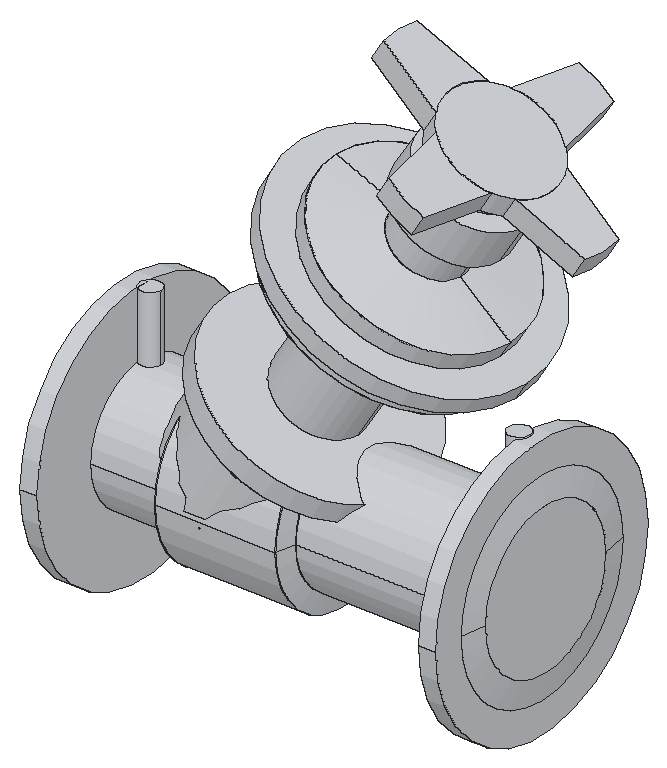
Revit family "224_DN125_20-70_RFA_2019", category Pipe Accessories, Revit 2019
Family settings
  Round Connector Dimension = Use Diameter
  Part Type = Valve - Breaks Into
  Work Plane-Based = No
  Always vertical = Yes
  Cut with Voids When Loaded = No
  Shared = No
Parameters (values of type "224_DN125_(20-70)")
  magiProductId = "2c85edc695ca465cb63b6911085491"
  magiProductFamilyId = "cb96b53648234cefb8c956722b95ac"
  magiPartTypeId = 304
  isMeasuringValve [instance] = no
  ang2D [instance] = 0.00°
  Z8 = 25.804 mm
  Z7 = 8.601 mm
  Z6 = 107.518 mm
  Z4 = 43.007 mm
  Z3 = 17.203 mm
  Z2 = 21.504 mm
  Z1 = 64.511 mm
  Y9 = 112.022 mm
  Y8 = 43.927 mm
  X9 = 19.752 mm
  X8 = 30.758 mm
  X5 = 166.25 mm
  X4 = 113.75 mm
  X1 = 16 mm
  W2D = 100 mm
  VersionID = "2.0/2018.4.11.4/ZETKAMA_224_001"
  Use Minimum Symbol Size [instance] = yes
  URL = "www.hydronic.cz"
  Type Comments = "přírubový ventil, PN16; -10~+120°C; dpmin=1,5xdpnast;"
  R8 = 53.625 mm
  R7 = 35.75 mm
  R6 = 96.688 mm
  R5 = 125 mm
  R4 = 113.75 mm
  R3 = 65 mm
  R2 = 95.5 mm
  R12 = 42.75 mm
  R10 = 71 mm
  QmdConnectorList = "301;D;302;D"
  Productdata [instance] = ""
  Manufacturer = "Hydronic Systems Prague s.r.o."
  Maintenance Zone Under Depth [instance] = 425 mm
  Maintenance Zone Right Depth [instance] = 400 mm
  Maintenance Zone Over Depth [instance] = 425 mm
  Maintenance Zone Left Depth [instance] = 400 mm
  Maintenance Zone Front Depth [instance] = 273 mm
  Maintenance Zone Back Depth [instance] = 273 mm
  Maintenance Zone Front Visibility [instance] = no
  MC Product Code = "224 125 3 (DN125; dpnast 20-70kPa; dpmax=250kPa; kvs=169,0kPa)"
  MC Piping Given Pressure Drop [instance] = 0.0 Pa
  LT2 = 200 mm
  L3 = 72 mm
  L2D_Min = 3048 mm
  L2D = 350 mm
  H5 = 62.5 mm
  FDT2 = 125 mm
  Description = "Regulátor diferenčního tlaku přírubový"
  DT21 = 62.5 mm
  DT2 = 62.5 mm
  D6 = 101.562 mm
  D5 = 81.25 mm
  D = 125 mm
  Clearance Zone Height Depth [instance] = 425 mm
  Clearance Zone Circular Radius [instance] = 400 mm
  Clearance Zone Visibility [instance] = no
  CAT0 = yes
  ARC2 = 1.728 mm
  ARC1 = 9.698 mm
  ANG = 32.00°
  A2 = 37.094 mm
  A1 = 59.363 mm
Types (10, lengths in mm): name | magiProductId | Z8 | Z7 | Z6 | Z4 | Z3 | Z2 | Z1 | X5 | X4 | X1 | R5 | R3 | R2 | R10 | Maintenance Zone Under Depth | Maintenance Zone Right Depth | Maintenance Zone Over Depth | Maintenance Zone Left Depth | MC Product Code | LT2 | L3 | H5 | FDT2 | DT21 | DT2 | D6 | D5 | D | Clearance Zone Height Depth | Clearance Zone Circular Radius | A2 | A1
  224_DN100_(40-160) | "71f9e553003c40d991c5e352e67284" | 24.389 | 8.13 | 101.622 | 40.649 | 16.26 | 20.324 | 60.973 | 152.2 | 91 | 14 | 110 | 52 | 80.5 | 58 | 405 | 350 | 405 | 350 | "224 100 7 (DN100; dpnast 40-160kPa; dpmax=250kPa; kvs=110,0kPa)" | 175 | 62.8 | 60 | 110 | 50 | 50 | 81.25 | 65 | 100 | 405 | 350 | 32.458 | 51.943
  224_DN100_(20-70) | "5e4de33176c64976a9c157b39996ce" | 24.389 | 8.13 | 101.622 | 40.649 | 16.26 | 20.324 | 60.973 | 152.2 | 91 | 14 | 110 | 52 | 80.5 | 58 | 405 | 350 | 405 | 350 | "224 100 3 (DN100; dpnast 20-70kPa; dpmax=250kPa; kvs=110,0kPa)" | 175 | 62.8 | 60 | 110 | 50 | 50 | 81.25 | 65 | 100 | 405 | 350 | 32.458 | 51.943
  224_DN125_(40-160) | "9beb69b667494b6ab1f54942078ae6" | 25.804 | 8.601 | 107.518 | 43.007 | 17.203 | 21.504 | 64.511 | 166.25 | 113.75 | 16 | 125 | 65 | 95.5 | 71 | 425 | 400 | 425 | 400 | "224 125 7 (DN125; dpnast 40-160kPa; dpmax=250kPa; kvs=169,0kPa)" | 200 | 72 | 62.5 | 125 | 62.5 | 62.5 | 101.562 | 81.25 | 125 | 425 | 400 | 37.094 | 59.363
  224_DN125_(20-70) | "2c85edc695ca465cb63b6911085491" | 25.804 | 8.601 | 107.518 | 43.007 | 17.203 | 21.504 | 64.511 | 166.25 | 113.75 | 16 | 125 | 65 | 95.5 | 71 | 425 | 400 | 425 | 400 | "224 125 3 (DN125; dpnast 20-70kPa; dpmax=250kPa; kvs=169,0kPa)" | 200 | 72 | 62.5 | 125 | 62.5 | 62.5 | 101.562 | 81.25 | 125 | 425 | 400 | 37.094 | 59.363
  224_DN150_(40-160) | "96017eba5eec4de2abe05c4d8dc7d1" | 26.866 | 8.955 | 89.552 | 44.776 | 17.91 | 22.388 | 89.552 | 223.38 | 115.5 | 19.2 | 142.5 | 70.2 | 108.5 | 84 | 440 | 480 | 440 | 480 | "224 150 7 (DN150; dpnast 40-160kPa; dpmax=250kPa; kvs=200,0kPa)" | 240 | 86.72 | 67.5 | 142.5 | 67.5 | 75 | 90.75 | 82.5 | 150 | 440 | 480 | 44.513 | 71.236
  224_DN150_(20-70) | "2dcf3707ec5549d494f72875a03dce" | 26.866 | 8.955 | 89.552 | 44.776 | 17.91 | 22.388 | 89.552 | 223.38 | 115.5 | 19.2 | 142.5 | 70.2 | 108.5 | 84 | 440 | 480 | 440 | 480 | "224 150 3 (DN150; dpnast 20-70kPa; dpmax=250kPa; kvs=200,0kPa)" | 240 | 86.72 | 67.5 | 142.5 | 67.5 | 75 | 90.75 | 82.5 | 150 | 440 | 480 | 44.513 | 71.236
  224_DN065_(40-160) | "7a3227ed888c4b0d8669ae9eb0085d" | 22.974 | 7.658 | 95.726 | 38.29 | 15.316 | 19.145 | 57.436 | 139.89 | 59.15 | 11.6 | 92.5 | 33.8 | 63 | 40.5 | 385 | 290 | 385 | 290 | "224 065 7 (DN65; dpnast 40-160kPa; dpmax=300kPa; kvs=48,4kPa)" | 145 | 51.76 | 60 | 92.5 | 32.5 | 32.5 | 52.812 | 42.25 | 65 | 385 | 290 | 26.893 | 43.038
  224_DN065_(20-70) | "bd269db4002540fe9b2a41f205afd7" | 22.974 | 7.658 | 95.726 | 38.29 | 15.316 | 19.145 | 57.436 | 139.89 | 59.15 | 11.6 | 92.5 | 33.8 | 63 | 40.5 | 385 | 290 | 385 | 290 | "224 065 3 (DN65; dpnast 20-70kPa; dpmax=300kPa; kvs=48,4kPa)" | 145 | 51.76 | 60 | 92.5 | 32.5 | 32.5 | 52.812 | 42.25 | 65 | 385 | 290 | 26.893 | 43.038
  224_DN080_(40-160) | "20b45c03d3cb49e9a44f946d5e2c2d" | 23.328 | 7.776 | 97.2 | 38.88 | 15.552 | 19.44 | 58.32 | 140.96 | 72.8 | 12.4 | 100 | 41.6 | 70.5 | 48 | 390 | 310 | 390 | 310 | "224 080 7 (DN80; dpnast 40-160kPa; dpmax=300kPa; kvs=74,5kPa)" | 155 | 55.44 | 60 | 100 | 40 | 40 | 65 | 52 | 80 | 390 | 310 | 28.748 | 46.007
  224_DN080_(20-70) | "2f63645f7c5342ecbadd0051fa47f2" | 23.328 | 7.776 | 97.2 | 38.88 | 15.552 | 19.44 | 58.32 | 140.96 | 72.8 | 12.4 | 100 | 41.6 | 70.5 | 48 | 390 | 310 | 390 | 310 | "224 080 3 (DN80; dpnast 20-70kPa; dpmax=300kPa; kvs=74,5kPa)" | 155 | 55.44 | 60 | 100 | 40 | 40 | 65 | 52 | 80 | 390 | 310 | 28.748 | 46.007
Reference planes
  plane 1 "Center (Front/Back)": y = 0
  plane 2 "XYPLANE": z = 0
  plane 3 "Center (Left/Right)": x = 0
  plane 4 "274": z = -425
  plane 5 "273": z = 425
  plane 6 "272": x = -400
  plane 7 "271": x = 400
  plane 8 "270": y = 273
  plane 9 "269": y = -273
  plane 10 "202": x = 175
  plane 11 "201": z = 62.5
  plane 12 "199": x = -173
  plane 13 "196": x = 13.75
  plane 14 "195": x = 9.75
  plane 15 "186": x = -104
  plane 16 "185": x = -108
  plane 17 "157": through (-518.951, 0, 584.815) normal (0.5299, 0, 0.848)
  plane 18 "123": y = -19.752
  plane 19 "122": y = -30.758
  plane 20 "120": y = 19.752
  plane 21 "119": y = 30.758
  plane 22 "118": through (252.097, 0, 726.856) normal (0.848, 0, -0.5299)
  plane 23 "117": through (384.349, 0, 644.216) normal (0.848, 0, -0.5299)
  plane 24 "116": through (442.096, 0, 608.131) normal (0.848, 0, -0.5299)
  plane 25 "115": through (309.844, 0, 690.772) normal (0.848, 0, -0.5299)
  plane 26 "113": y = -43.927
  plane 27 "112": y = -112.022
  plane 28 "110": through (373.181, 0, 651.195) normal (0.848, 0, -0.5299)
  plane 29 "108": through (330.345, 0, 677.961) normal (0.848, 0, -0.5299)
  plane 30 "107": through (321.012, 0, 683.793) normal (0.848, 0, -0.5299)
  plane 31 "106": through (363.848, 0, 657.027) normal (0.848, 0, -0.5299)
  plane 32 "105": y = 112.022
  plane 33 "104": y = 43.927
  plane 34 "99": through (-439.185, 0, 712.467) normal (0.5299, 0, 0.848)
  plane 35 "96": through (-450.58, 0, 694.231) normal (0.5299, 0, 0.848)
  plane 36 "91": through (-473.37, 0, 657.759) normal (0.5299, 0, 0.848)
  plane 37 "87": through (-496.161, 0, 621.287) normal (0.5299, 0, 0.848)
  plane 38 "84": through (-500.719, 0, 613.992) normal (0.5299, 0, 0.848)
  plane 39 "82": through (-509.835, 0, 599.404) normal (0.5299, 0, 0.848)
  plane 40 "75": through (-528.067, 0, 570.226) normal (0.5299, 0, 0.848)
  plane 41 "74": through (-541.741, 0, 548.342) normal (0.5299, 0, 0.848)
  plane 42 "41": through (-598.717, 0, 457.162) normal (0.5299, 0, 0.848)
  plane 43 "37": through (-610.112, 0, 438.926) normal (0.5299, 0, 0.848)
  plane 44 "34": through (-621.508, 0, 420.69) normal (0.5299, 0, 0.848)
  plane 45 "30": through (-655.693, 0, 365.982) normal (0.5299, 0, 0.848)
  plane 46 "28": y = 0
  plane 47 "27": through (347.096, 0, 667.494) normal (0.848, 0, -0.5299)
  plane 48 "24": x = 196
  plane 49 "23": x = 180
  plane 50 "15": x = -180
  plane 51 "11": x = -196
  plane 52 "6": x = 200
  plane 53 "5": x = -200
  plane 54 "3": z = 0
  plane 55 "2": y = 0
  plane 56 "1": x = 0
  plane 57 "25XY": through (-636.036, 0, 397.439) normal (0.5299, 0, 0.848)
  plane 58 "25XZ": y = 0
  plane 59 "25YZ": through (397.439, 0, 636.036) normal (0.848, 0, -0.5299)
Forms (mm)
  Blend 1, solid, visible <- "CAT0"
    base sketch origin (-541.741, 0, 548.342) x (0.848048, 0, -0.529919) y (0, 1, 0)
      loop
        circle (690.637, 0) r 42.75
    top sketch origin (-541.741, 0, 548.342) x (0.848048, 0, -0.529919) y (0, 1, 0)
      loop
        circle (690.637, 0) r 113.75
    from 0 to 25.804
  Blend 2, solid, visible <- "Maintenance Zone Front Visibility"
    base sketch origin (-750, 0, 425) x (1, 0, 0) y (0, 1, 0)
      loop
        line (350, 273) -> (350, -273) -> (1150, -273) -> (1150, 273) -> (350, 273)
    top sketch origin (-750, 0, 425) x (1, 0, 0) y (0, 1, 0)
      loop
        line (350, 273) -> (350, -273) -> (1150, -273) -> (1150, 273) -> (350, 273)
    from 0 to -850
  Extrusion 3, solid, visible <- "Clearance Zone Visibility"
    sketch origin (-750, 0, 0) x (1, 0, 0) y (0, 1, 0)
      loop
        circle (750, 0) r 400
    from 0 to 425 <- "Clearance Zone Height Depth"
  Extrusion 4, solid, visible <- "CAT0"
    sketch origin (-598.717, 0, 457.162) x (0.848048, 0, -0.529919) y (0, 1, 0)
      loop
        circle (690.637, 0) r 42.75
    from 0 to 107.518 <- "Z6"
  Extrusion 5, solid
    sketch origin (-750, 0, 62.5) x (1, 0, 0) y (0, 1, 0)
      loop
        circle (925, 0) r 10
    from 0 to 62.5 <- "H5"
  Extrusion 6, solid
    sketch origin (-750, 0, 62.5) x (1, 0, 0) y (0, 1, 0)
      loop
        circle (577, 0) r 10
    from 0 to 62.5 <- "H5"
  Extrusion 7, solid
    sketch origin (13.75, -750, 0) x (0, 1, 0) y (0, 0, 1)
      loop
        circle (750, 0) r 62.5
    from 0 to 166.25 <- "X5"
  Blend 8, solid
    base sketch origin (13.75, -750, 0) x (0, 1, 0) y (0, 0, 1)
      loop
        circle (750, 0) r 62.5
    top sketch origin (13.75, -750, 0) x (0, 1, 0) y (0, 0, 1)
      loop
        circle (750, 0) r 81.25
    from 0 to -4
  Extrusion 9, solid
    sketch origin (-104, -750, 0) x (0, 1, 0) y (0, 0, 1)
      loop
        circle (750, 0) r 81.25
    from 0 to 113.75 <- "X4"
  Blend 10, solid
    base sketch origin (-108, -750, 0) x (0, 1, 0) y (0, 0, 1)
      loop
        circle (750, 0) r 62.5
    top sketch origin (-108, -750, 0) x (0, 1, 0) y (0, 0, 1)
      loop
        circle (750, 0) r 81.25
    from 0 to 4
  Extrusion 11, solid
    sketch origin (-655.693, 0, 365.982) x (0.848048, 0, -0.529919) y (0, 1, 0)
      loop
        circle (690.637, 0) r 81.25
    from 0 to 64.511 <- "Z1"
  Extrusion 12, solid
    sketch origin (-528.067, 0, 570.226) x (0.848048, 0, -0.529919) y (0, 1, 0)
      loop
        circle (690.637, 0) r 113.75
    from 0 to 17.203 <- "Z3"
  Extrusion 13, solid
    sketch origin (-439.185, 0, 712.467) x (0.848048, 0, -0.529919) y (0, 1, 0)
      loop
        line (734.564, -30.758) -> (802.659, -19.752)
        arc (802.659, -19.752) -> (804.387, 0) -> (802.659, 19.752) r 113.75
        line (802.659, 19.752) -> (734.564, 30.758)
        arc (734.564, 30.758) -> (744.262, 0) -> (734.564, -30.758) r 53.625
    from 0 to 21.504 <- "Z2"
  Extrusion 14, solid
    sketch origin (-439.185, 0, 712.467) x (0.848048, 0, -0.529919) y (0, 1, 0)
      loop
        line (646.71, 30.758) -> (578.615, 19.752)
        arc (578.615, 19.752) -> (576.887, 0) -> (578.615, -19.752) r 113.75
        line (578.615, -19.752) -> (646.71, -30.758)
        arc (646.71, -30.758) -> (637.012, 0) -> (646.71, 30.758) r 53.625
    from 0 to 21.504 <- "Z2"
  Extrusion 15, solid
    sketch origin (-439.185, 0, 712.467) x (0.848048, 0, -0.529919) y (0, 1, 0)
      loop
        line (659.879, -43.927) -> (670.884, -112.022)
        arc (670.884, -112.022) -> (690.637, -113.75) -> (710.389, -112.022) r 113.75
        line (710.389, -112.022) -> (721.395, -43.927)
        arc (721.395, -43.927) -> (690.637, -53.625) -> (659.879, -43.927) r 53.625
    from 0 to 21.504 <- "Z2"
  Extrusion 16, solid
    sketch origin (-439.185, 0, 712.467) x (0.848048, 0, -0.529919) y (0, 1, 0)
      loop
        line (721.395, 43.927) -> (710.389, 112.022)
        arc (710.389, 112.022) -> (690.637, 113.75) -> (670.884, 112.022) r 113.75
        line (670.884, 112.022) -> (659.879, 43.927)
        arc (659.879, 43.927) -> (690.637, 53.625) -> (721.395, 43.927) r 53.625
    from 0 to 21.504 <- "Z2"
  Extrusion 17, solid
    sketch origin (-439.185, 0, 712.467) x (0.848048, 0, -0.529919) y (0, 1, 0)
      loop
        circle (690.637, 0) r 53.625
    from 0 to 21.504 <- "Z2"
  Extrusion 18, solid
    sketch origin (-450.58, 0, 694.231) x (0.848048, 0, -0.529919) y (0, 1, 0)
      loop
        circle (690.637, 0) r 35.75
    from 0 to 21.504 <- "Z2"
  Extrusion 19, solid
    sketch origin (-473.37, 0, 657.759) x (0.848048, 0, -0.529919) y (0, 1, 0)
      loop
        circle (690.637, 0) r 53.625
    from 0 to 43.007 <- "Z4"
  Extrusion 20, solid
    sketch origin (-496.161, 0, 621.287) x (0.848048, 0, -0.529919) y (0, 1, 0)
      loop
        circle (690.637, 0) r 35.75
    from 0 to 43.007 <- "Z4"
  Blend 21, solid
    base sketch origin (-500.719, 0, 613.992) x (0.848048, 0, -0.529919) y (0, 1, 0)
      loop
        circle (690.637, 0) r 96.688
    top sketch origin (-500.719, 0, 613.992) x (0.848048, 0, -0.529919) y (0, 1, 0)
      loop
        circle (690.637, 0) r 35.75
    from 0 to 8.601
  Extrusion 22, solid
    sketch origin (-509.835, 0, 599.404) x (0.848048, 0, -0.529919) y (0, 1, 0)
      loop
        circle (690.637, 0) r 96.688
    from 0 to 17.203 <- "Z3"
  Extrusion 23, solid
    sketch origin (-518.951, 0, 584.815) x (0.848048, 0, -0.529919) y (0, 1, 0)
      loop
        circle (690.637, 0) r 125
    from 0 to 17.203 <- "Z3"
  Extrusion 24, solid
    sketch origin (-610.112, 0, 438.926) x (0.848048, 0, -0.529919) y (0, 1, 0)
      loop
        circle (690.637, 0) r 101.562
    from 0 to 21.504 <- "Z2"
  Extrusion 25, solid
    sketch origin (-621.508, 0, 420.69) x (0.848048, 0, -0.529919) y (0, 1, 0)
      loop
        circle (690.637, 0) r 65
    from 0 to 21.504 <- "Z2"
  Blend 26, solid
    base sketch origin (196, -750, 0) x (0, 1, 0) y (0, 0, 1)
      loop
        circle (750, 0) r 95.5
    top sketch origin (196, -750, 0) x (0, 1, 0) y (0, 0, 1)
      loop
        circle (750, 0) r 71
    from 0 to 4
  Extrusion 27, solid
    sketch origin (180, -750, 0) x (0, 1, 0) y (0, 0, 1)
      loop
        circle (750, 0) r 125
    from 0 to 16 <- "X1"
  Extrusion 28, solid
    sketch origin (-180, -750, 0) x (0, 1, 0) y (0, 0, 1)
      loop
        circle (750, 0) r 62.5
    from 0 to 72 <- "L3"
  Extrusion 29, solid
    sketch origin (-196, -750, 0) x (0, 1, 0) y (0, 0, 1)
      loop
        circle (750, 0) r 125
    from 0 to 16 <- "X1"
  Blend 30, solid
    base sketch origin (-200, -750, 0) x (0, 1, 0) y (0, 0, 1)
      loop
        circle (750, 0) r 71
    top sketch origin (-200, -750, 0) x (0, 1, 0) y (0, 0, 1)
      loop
        circle (750, 0) r 95.5
    from 0 to 4
  Extrusion 31, solid, not visible
    sketch origin (200, -750, 0) x (0, 1, 0) y (0, 0, 1)
      loop
        circle (750, 0) r 10
    from 0 to -10
  Extrusion 32, solid, not visible
    sketch origin (-200, -750, 0) x (0, 1, 0) y (0, 0, 1)
      loop
        circle (750, 0) r 10
    from 0 to 10
Lines and regions (mm)
  reference lines, not visible
    curve 1: circle (10.95, 2, 0) r 1 normal (0, 0, 1)
  reference lines
    curve 2: line (183.76, -30.758, 323.208) -> (183.76, 30.758, 323.208)
    curve 3: line (241.508, 19.752, 287.123) -> (241.508, -19.752, 287.123)
    curve 4: line (109.256, 30.758, 369.763) -> (109.256, -30.758, 369.763)
    curve 5: line (51.508, -19.752, 405.848) -> (51.508, 19.752, 405.848)
    curve 6: line (120.424, -43.927, 362.785) -> (172.593, -43.927, 330.186)
    curve 7: line (163.259, -112.022, 336.018) -> (129.757, -112.022, 356.953)
    curve 8: line (172.593, 43.927, 330.186) -> (120.424, 43.927, 362.785)
    curve 9: line (129.757, 112.022, 356.953) -> (163.259, 112.022, 336.018)
Dimensions and locks
  plane 1 "Center (Front/Back)" to curve 1 = 2 mm
  "Maintenance Zone Under Depth": plane 2 "XYPLANE" to plane 4 "274"
  "Maintenance Zone Over Depth": plane 2 "XYPLANE" to plane 5 "273"
  "Maintenance Zone Left Depth": plane 3 "Center (Left/Right)" to plane 6 "272"
  "Maintenance Zone Right Depth": plane 3 "Center (Left/Right)" to plane 7 "271"
  "Maintenance Zone Back Depth": plane 1 "Center (Front/Back)" to plane 8 "270"
  "Maintenance Zone Front Depth": plane 1 "Center (Front/Back)" to plane 9 "269"
  locked: plane 49 "23" to plane 10 "202" at 5
  "DT2": plane 2 "XYPLANE" to plane 11 "201"
  locked: plane 50 "15" to plane 12 "199" at 7
  locked: plane 14 "195" to plane 13 "196" at 4
  "X4": plane 15 "186" to plane 14 "195"
  locked: plane 16 "185" to plane 15 "186" at 4
  "L3": plane 50 "15" to plane 16 "185"
  "Z3": plane 40 "75" to plane 17 "157"
  "X9": plane 55 "2" to plane 18 "123"
  "X8": plane 55 "2" to plane 19 "122"
  "X9": plane 55 "2" to plane 20 "120"
  "X8": plane 55 "2" to plane 21 "119"
  "Y9": plane 47 "27" to plane 22 "118"
  "Y8": plane 47 "27" to plane 23 "117"
  "Y9": plane 47 "27" to plane 24 "116"
  "Y8": plane 47 "27" to plane 25 "115"
  "Y8": plane 55 "2" to plane 26 "113"
  "Y9": plane 55 "2" to plane 27 "112"
  "X8": plane 47 "27" to plane 28 "110"
  "X9": plane 47 "27" to plane 29 "108"
  "X8": plane 47 "27" to plane 30 "107"
  "X9": plane 47 "27" to plane 31 "106"
  "Y9": plane 55 "2" to plane 32 "105"
  "Y8": plane 55 "2" to plane 33 "104"
  "Z2": plane 35 "96" to plane 34 "99"
  "Z4": plane 36 "91" to plane 35 "96"
  "Z4": plane 37 "87" to plane 36 "91"
  "Z7": plane 38 "84" to plane 37 "87"
  "Z3": plane 39 "82" to plane 38 "84"
  "Z3": plane 17 "157" to plane 39 "82"
  "Z8": plane 41 "74" to plane 40 "75"
  "Z6": plane 42 "41" to plane 41 "74"
  "Z2": plane 43 "37" to plane 42 "41"
  "Z2": plane 44 "34" to plane 43 "37"
  "Z1": plane 45 "30" to plane 44 "34"
  "A2": plane 57 "25XY" to plane 45 "30"
  locked: plane 55 "2" to plane 46 "28"
  "A1": plane 59 "25YZ" to plane 47 "27"
  "X1": plane 49 "23" to plane 48 "24"
  "X5": plane 13 "196" to plane 49 "23"
  "X1": plane 51 "11" to plane 50 "15"
  locked: plane 53 "5" to plane 51 "11" at 4
  "LT2": plane 3 "Center (Left/Right)" to plane 52 "6"
  "LT2": plane 3 "Center (Left/Right)" to plane 53 "5"
  locked: plane 2 "XYPLANE" to plane 54 "3"
  locked: plane 1 "Center (Front/Back)" to plane 55 "2"
  locked: plane 3 "Center (Left/Right)" to plane 56 "1"
  Blend 2 sketch curve to Blend 2 sketch curve = 0 mm  (x16)
  "ARC1": curve 2 to Extrusion 13 sketch curve
  "ARC2": curve 3 to Extrusion 13 sketch curve
  Extrusion 13 sketch curve to Extrusion 13 sketch curve = 0 mm  (x8)
  "ARC1": curve 4 to Extrusion 14 sketch curve
  "ARC2": curve 5 to Extrusion 14 sketch curve
  Extrusion 14 sketch curve to Extrusion 14 sketch curve = 0 mm  (x8)
  "ARC1": curve 6 to Extrusion 15 sketch curve
  "ARC2": curve 7 to Extrusion 15 sketch curve
  Extrusion 15 sketch curve to Extrusion 15 sketch curve = 0 mm  (x8)
  "ARC1": curve 8 to Extrusion 16 sketch curve
  "ARC2": curve 9 to Extrusion 16 sketch curve
  Extrusion 16 sketch curve to Extrusion 16 sketch curve = 0 mm  (x8)
  "R4": radius of Blend 1 sketch curve
  "R12": radius of Blend 1 sketch curve
  "Clearance Zone Circular Radius": radius of Extrusion 3 sketch curve
  "R12": radius of Extrusion 4 sketch curve
  "DT21": radius of Extrusion 7 sketch curve
  "D5": radius of Blend 8 sketch curve
  "DT21": radius of Blend 8 sketch curve
  "D5": radius of Extrusion 9 sketch curve
  "D5": radius of Blend 10 sketch curve
  "DT21": radius of Blend 10 sketch curve
  "D5": radius of Extrusion 11 sketch curve
  "R4": radius of Extrusion 12 sketch curve
  "R8": radius of Extrusion 17 sketch curve
  "R7": radius of Extrusion 18 sketch curve
  "R8": radius of Extrusion 19 sketch curve
  "R7": radius of Extrusion 20 sketch curve
  "R7": radius of Blend 21 sketch curve
  "R6": radius of Blend 21 sketch curve
  "R6": radius of Extrusion 22 sketch curve
  "R5": radius of Extrusion 23 sketch curve
  "D6": radius of Extrusion 24 sketch curve
  "R3": radius of Extrusion 25 sketch curve
  "R10": radius of Blend 26 sketch curve
  "R2": radius of Blend 26 sketch curve
  "FDT2": radius of Extrusion 27 sketch curve
  "DT21": radius of Extrusion 28 sketch curve
  "FDT2": radius of Extrusion 29 sketch curve
  "R2": radius of Blend 30 sketch curve
  "R10": radius of Blend 30 sketch curve
  aligned and locked: level to plane 2 "XYPLANE"
  aligned and locked: plane 46 "28" to Blend 1 sketch curve  (x2)
  aligned and locked: Blend 1 sketch curve to plane 47 "27"  (x2)
  aligned and locked: plane 40 "75" to Blend 1
  aligned and locked: Blend 2 sketch curve to plane 6 "272"  (x2)
  aligned and locked: plane 8 "270" to Blend 2 sketch curve  (x4)
  aligned and locked: plane 9 "269" to Blend 2 sketch curve  (x4)
  aligned and locked: plane 6 "272" to Blend 2 sketch curve  (x2)
  aligned and locked: plane 7 "271" to Blend 2 sketch curve  (x4)
  aligned and locked: Blend 2 to plane 4 "274"
  aligned and locked: plane 55 "2" to Extrusion 3 sketch curve
  aligned and locked: plane 56 "1" to Extrusion 3 sketch curve
  aligned and locked: plane 46 "28" to Extrusion 4 sketch curve
  aligned and locked: Extrusion 4 sketch curve to plane 47 "27"
  aligned and locked: plane 10 "202" to Extrusion 5 sketch curve
  aligned and locked: plane 55 "2" to Extrusion 5 sketch curve
  aligned and locked: plane 12 "199" to Extrusion 6 sketch curve
  aligned and locked: plane 55 "2" to Extrusion 6 sketch curve
  aligned and locked: plane 54 "3" to Extrusion 7 sketch curve
  aligned and locked: Extrusion 7 sketch curve to plane 55 "2"
  aligned and locked: plane 54 "3" to Blend 8 sketch curve  (x2)
  aligned and locked: Blend 8 sketch curve to plane 55 "2"  (x2)
  aligned and locked: Blend 8 to plane 14 "195"
  aligned and locked: plane 54 "3" to Extrusion 9 sketch curve
  aligned and locked: Extrusion 9 sketch curve to plane 55 "2"
  aligned and locked: plane 54 "3" to Blend 10 sketch curve  (x2)
  aligned and locked: Blend 10 sketch curve to plane 55 "2"  (x2)
  aligned and locked: plane 15 "186" to Blend 10
  aligned and locked: plane 46 "28" to Extrusion 11 sketch curve
  aligned and locked: Extrusion 11 sketch curve to plane 47 "27"
  aligned and locked: plane 46 "28" to Extrusion 12 sketch curve
  aligned and locked: Extrusion 12 sketch curve to plane 47 "27"
  aligned and locked: curve 2 to plane 23 "117"
  aligned and locked: plane 19 "122" to curve 2
  aligned and locked: plane 21 "119" to curve 2
  aligned and locked: plane 21 "119" to Extrusion 13 sketch curve
  aligned and locked: plane 23 "117" to Extrusion 13 sketch curve
  aligned and locked: plane 20 "120" to Extrusion 13 sketch curve
  aligned and locked: plane 24 "116" to Extrusion 13 sketch curve
  aligned and locked: curve 3 to plane 24 "116"
  aligned and locked: plane 20 "120" to curve 3
  aligned and locked: plane 18 "123" to curve 3
  aligned and locked: plane 18 "123" to Extrusion 13 sketch curve
  aligned and locked: Extrusion 13 sketch curve to plane 24 "116"
  aligned and locked: plane 19 "122" to Extrusion 13 sketch curve
  aligned and locked: Extrusion 13 sketch curve to plane 23 "117"
  aligned and locked: curve 4 to plane 25 "115"
  aligned and locked: plane 21 "119" to curve 4
  aligned and locked: plane 19 "122" to curve 4
  aligned and locked: plane 19 "122" to Extrusion 14 sketch curve
  aligned and locked: Extrusion 14 sketch curve to plane 25 "115"
  aligned and locked: plane 18 "123" to Extrusion 14 sketch curve
  aligned and locked: Extrusion 14 sketch curve to plane 22 "118"
  aligned and locked: curve 5 to plane 22 "118"
  aligned and locked: plane 18 "123" to curve 5
  aligned and locked: plane 20 "120" to curve 5
  aligned and locked: plane 20 "120" to Extrusion 14 sketch curve
  aligned and locked: plane 22 "118" to Extrusion 14 sketch curve
  aligned and locked: plane 21 "119" to Extrusion 14 sketch curve
  aligned and locked: plane 25 "115" to Extrusion 14 sketch curve
  aligned and locked: curve 6 to plane 26 "113"
  aligned and locked: curve 6 to plane 30 "107"
  aligned and locked: curve 6 to plane 28 "110"
  aligned and locked: plane 26 "113" to Extrusion 15 sketch curve  (x2)
  aligned and locked: Extrusion 15 sketch curve to plane 28 "110"
  aligned and locked: plane 27 "112" to Extrusion 15 sketch curve  (x2)
  aligned and locked: Extrusion 15 sketch curve to plane 31 "106"
  aligned and locked: plane 27 "112" to curve 7
  aligned and locked: curve 7 to plane 31 "106"
  aligned and locked: curve 7 to plane 29 "108"
  aligned and locked: Extrusion 15 sketch curve to plane 29 "108"
  aligned and locked: Extrusion 15 sketch curve to plane 30 "107"
  aligned and locked: plane 33 "104" to curve 8
  aligned and locked: plane 28 "110" to curve 8
  aligned and locked: plane 30 "107" to curve 8
  aligned and locked: plane 30 "107" to Extrusion 16 sketch curve
  aligned and locked: plane 33 "104" to Extrusion 16 sketch curve  (x2)
  aligned and locked: plane 29 "108" to Extrusion 16 sketch curve
  aligned and locked: plane 32 "105" to Extrusion 16 sketch curve  (x2)
  aligned and locked: curve 9 to plane 32 "105"
  aligned and locked: plane 29 "108" to curve 9
  aligned and locked: plane 31 "106" to curve 9
  aligned and locked: plane 31 "106" to Extrusion 16 sketch curve
  aligned and locked: plane 28 "110" to Extrusion 16 sketch curve
  aligned and locked: plane 46 "28" to Extrusion 17 sketch curve
  aligned and locked: Extrusion 17 sketch curve to plane 47 "27"
  aligned and locked: plane 46 "28" to Extrusion 18 sketch curve
  aligned and locked: Extrusion 18 sketch curve to plane 47 "27"
  aligned and locked: plane 46 "28" to Extrusion 19 sketch curve
  aligned and locked: Extrusion 19 sketch curve to plane 47 "27"
  aligned and locked: plane 46 "28" to Extrusion 20 sketch curve
  aligned and locked: Extrusion 20 sketch curve to plane 47 "27"
  aligned and locked: plane 46 "28" to Blend 21 sketch curve  (x2)
  aligned and locked: Blend 21 sketch curve to plane 47 "27"  (x2)
  aligned and locked: plane 37 "87" to Blend 21
  aligned and locked: plane 46 "28" to Extrusion 22 sketch curve
  aligned and locked: Extrusion 22 sketch curve to plane 47 "27"
  aligned and locked: plane 46 "28" to Extrusion 23 sketch curve
  aligned and locked: Extrusion 23 sketch curve to plane 47 "27"
  aligned and locked: plane 46 "28" to Extrusion 24 sketch curve
  aligned and locked: Extrusion 24 sketch curve to plane 47 "27"
  aligned and locked: plane 46 "28" to Extrusion 25 sketch curve
  aligned and locked: Extrusion 25 sketch curve to plane 47 "27"
  aligned and locked: plane 54 "3" to Blend 26 sketch curve  (x2)
  aligned and locked: Blend 26 sketch curve to plane 55 "2"  (x2)
  aligned and locked: plane 52 "6" to Blend 26
  aligned and locked: plane 54 "3" to Extrusion 27 sketch curve
  aligned and locked: Extrusion 27 sketch curve to plane 55 "2"
  aligned and locked: plane 54 "3" to Extrusion 28 sketch curve
  aligned and locked: Extrusion 28 sketch curve to plane 55 "2"
  aligned and locked: plane 54 "3" to Extrusion 29 sketch curve
  aligned and locked: Extrusion 29 sketch curve to plane 55 "2"
  aligned and locked: plane 54 "3" to Blend 30 sketch curve  (x2)
  aligned and locked: Blend 30 sketch curve to plane 55 "2"  (x2)
  aligned and locked: plane 51 "11" to Blend 30
  aligned and locked: plane 54 "3" to Extrusion 31 sketch curve
  aligned and locked: Extrusion 31 sketch curve to plane 55 "2"
  aligned and locked: plane 54 "3" to Extrusion 32 sketch curve
  aligned and locked: Extrusion 32 sketch curve to plane 55 "2"
Automatic sketch dimensions
  Extrusion 5 sketch curve to Extrusion 5 sketch curve = 10 mm
  Extrusion 6 sketch curve to plane 50 "15" = 3 mm
  plane 18 "123" to Extrusion 31 sketch curve = 9.752 mm
  plane 18 "123" to Extrusion 32 sketch curve = 9.752 mm
  plane 14 "195" to curve 1 = 1.2 mm
  radius of curve 1 = 1 mm
Connectors
  piping at (-200, 0, 0), diameter 125, driven by "D"
    settings: on Extrusion 32, index 1, connector inside diameter 609.6 mm, connector length 0 mm, flow factor 0, pipe flow 0.0 L/s, pressure drop 0.0 Pa, fitting loss kfactor 0, connector angle 0.00°, fixture units 0, engagement length 0 mm, angle of deflection 0.00°, flow configuration 0, flow direction 0, fitting loss method 0, system type 29, joint type 0, gender type 0, connector reference index 2, connector utility 0, adjustable connector no, is connector primary yes, connector description ""
  piping at (200, 0, 0), diameter 125, driven by "D"
    settings: on Extrusion 31, index 2, connector inside diameter 609.6 mm, connector length 0 mm, flow factor 0, pipe flow 0.0 L/s, pressure drop 0.0 Pa, fitting loss kfactor 0, connector angle 0.00°, fixture units 0, engagement length 0 mm, angle of deflection 0.00°, flow configuration 0, flow direction 0, fitting loss method 0, system type 29, joint type 0, gender type 0, connector reference index 1, connector utility 0, adjustable connector no, is connector primary no, connector description ""
